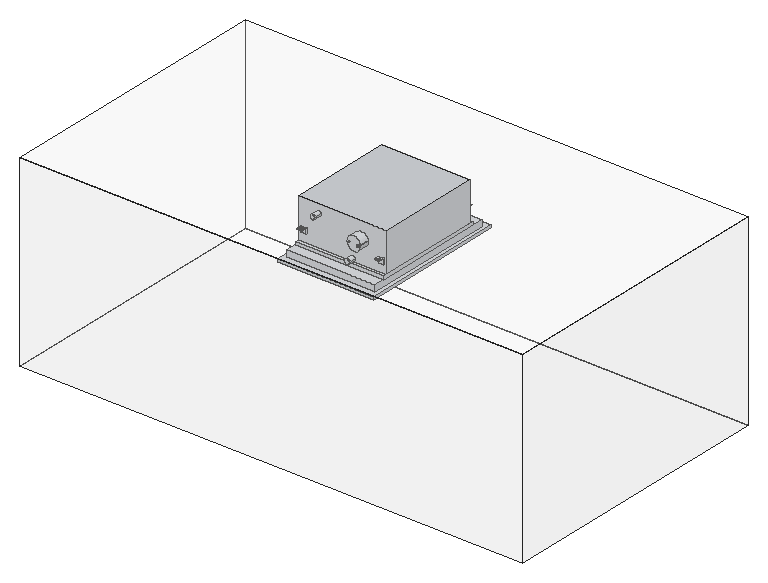
Revit family "【点検口なし】室内機（2方向カセット50Hz）_MEE修正", category 機械設備, Revit 2019
Family settings
  丸型コネクタ寸法 = 直径を使用
  パーツ タイプ = 標準
  OmniClass 番号 = 23.75.10.24.21.27.27
  OmniClass タイトル = Split System Air Conditioning Units
  作業面ベース = いいえ
  常に垂直 = はい
  ロード時にボイドで切り取り = いいえ
  共有 = いいえ
  部屋計算ポイント = はい
Parameters (values of type "PLFY-P22LMG7")
  風量（弱）（m3／min） = 6.5
  風量（中2）（m3／min） = 7.5
  風量（中1）（m3／min） = 8.5
  風量（m3／min） = 9.5
  風量 = MAX風量  # 570.0 m³/h
  音響パワーレベル（弱）(dB) = 49
  音響パワーレベル（中2）(dB) = 51
  音響パワーレベル（中1）(dB) = 52
  音響パワーレベル(dB) = 53
  電源種別 = ""
  電源_H = 0 mm
  電圧_電気ヒーター = 0 V
  電圧 = 200 V
  電動機出力_送風機 = 0.05 kW
  運転質量 = 0.00 kg
  連動 = ""
  質量 = if(製品質量 > 運転質量, 製品質量, 運転質量) * 1.2  # 24.00 kg
  負荷分類 = 3_ファン類
  説明 = "ビル用マルチエアコン 天井カセット形(2方向吹出)室内機"
  設計暖房能力 = 0.00 kW
  設計冷房能力_顕熱 = 0 kW
  設計冷房能力 = 0 kW
  設置方法 = "カセット形"
  記号 = ""
  製造元 = "三菱電機株式会社"
  製品質量 = 20.00 kg
  製品出荷対象 = "国内"
  製品リリース年月 = "2020/7/22"
  製品グループ = ""
  系統 = ""
  符号 = "ACP_CK2"
  積算_科目 = "1 空気調和設備"
  積算_拾い区分 [instance] = ""
  相_電気ヒーター = 1
  相 = 1
  盤記号 = ""
  発停方法 = "付属スイッチ"
  特殊仕様 = ""
  火災停止 = ""
  消費電力_電気ヒーター = 0.00 kW
  消費電力_暖房 = 0.03 kW
  消費電力_加湿器 = 0.00 kW
  消費電力_冷房 = 0.03 kW
  消費電力 = if(消費電力_冷房 > 消費電力_暖房, 消費電力_冷房, 消費電力_暖房) + 消費電力_加湿器 + 消費電力_電気ヒーター  # 0.03 kW
  法定耐用年数 = "15"
  機外静圧 = 0.0 Pa
  極数 = 3
  材質 = ""
  本体マテリアル = none
  有効加湿量 = 0
  暖房能力 = 2.50 kW
  推奨ブレーカー容量 = 15 A
  形式_加湿器 = ""
  形式 = "カセット形（2方向吹出形）"
  幹線記号 = ""
  始動方式 = ""
  呼称 = "室内機_カセット形(2方向吹出形)"
  周波数 = 50 Hz
  吊り位置Y = 824 mm
  吊り位置X = 574 mm
  吊りボルト_H = 167 mm
  台数_手元リモコン = ""
  台数_冷媒分岐ユニット = ""
  参照している仕様書等のバージョン = "公共建築工事標準仕様書（機械設備工事編）平成31年度版"
  加湿給水管径 = 0 mm
  分類コード = "50053003221020"
  分類グループ = ""
  冷房能力 = 2.2 kW
  冷媒高低圧ガス管径 = 0 mm
  冷媒管径符号 = "Ac"
  冷媒管径 = 100 mm
  冷媒液管高さ = 235 mm
  冷媒液管長さ = 67 mm
  冷媒液管径 = 6.35 mm
  冷媒ガス管高さ = 235 mm
  冷媒ガス管長さ = 78 mm
  冷媒ガス管径 = 12.7 mm
  企業コード = "108420"
  付属品_フィルター = ""
  付属品 = ""
  仕様書バージョン = "Version1.0"
  モデル = "PLFY-P22LMG7"
  パネルマテリアル = none
  ドレン管高さ = 297 mm
  ドレン管径 = 32 mm
  サービススペース = yes
  コメント [instance] = ""
  ケーブル種類 = ""
  ケーブルサイズ = 1.6 mm
  Width = 650 mm
  Version = ""
  Uniclass2015Version = "Systems v1.9"
  Uniclass2015Title = "Split coil remote air cooled condensing units"
  Uniclass2015Code = "Pr_70_65_03_84"
  URL = "https://www.mitsubishielectric.co.jp/ldg/wink/ssl/displayProduct.do?pid=307542"
  SpecificationReference = ""
  SpecificationDescription = ""
  S_H = 364 mm
  Revision = ""
  ProductInformation = ""
  OmniClassCode = "23-751024212727"
  MIN風量 = 風量（弱）（m3／min） * 60.0 m³/h  # 390.0 m³/h
  MID風量2 = 風量（中2）（m3／min） * 60.0 m³/h  # 450.0 m³/h
  MID風量 = 風量（中1）（m3／min） * 60.0 m³/h  # 510.0 m³/h
  MAX風量 = 風量（m3／min） * 60.0 m³/h  # 570.0 m³/h
  IfcTypeProduct = ""
  IfcProduct = ""
  IfcExportType = "AIRCONDITIONINGUNIT"
  IfcExportAs = "IfcUnitaryEquipmentType"
  Height = 290 mm
  Depth = 770 mm
  Clearance Top = 357 mm
  Clearance Right = 1500 mm
  Clearance Left = 1500 mm
  Clearance Front = 500 mm
  Clearance Bottom = 1000 mm
  Clearance Back = 500 mm
  Author = "三菱電機株式会社"
Types (11, lengths in mm): name | 風量（弱）（m3／min） | 風量（中2）（m3／min） | 風量（中1）（m3／min） | 風量（m3／min） | 風量 | 音響パワーレベル（弱）(dB) | 音響パワーレベル（中2）(dB) | 音響パワーレベル（中1）(dB) | 音響パワーレベル(dB) | 電動機出力_送風機 | 質量 | 製品質量 | 消費電力_暖房 | 消費電力_冷房 | 消費電力 | 暖房能力 | 吊り位置Y | 冷房能力 | 冷媒管径符号 | 冷媒液管長さ | 冷媒液管径 | 冷媒ガス管長さ | 冷媒ガス管径 | モデル | URL | S_H | MIN風量 | MID風量2 | MID風量 | MAX風量 | Height | Depth | Clearance Top
  (no name) | 6.5 | 7.5 | 8.5 | 9.5 | 570.0 m³/h | 49 | 51 | 52 | 53 | 0.05 kW | 24.00 kg | 20.00 kg | 0.03 kW | 0.03 kW | 0.03 kW | 2.50 kW | 824 | 2.2 kW | "Ac" | 67 | 6.35 | 78 | 12.7 | "PLFY-P22LMG7" | "https://www.mitsubishielectric.co.jp/ldg/wink/ssl/displayProduct.do?pid=307542" | 364 | 390.0 m³/h | 450.0 m³/h | 510.0 m³/h | 570.0 m³/h | 290 | 770 | 357
  PLFY-P22LMG7 | 6.5 | 7.5 | 8.5 | 9.5 | 570.0 m³/h | 49 | 51 | 52 | 53 | 0.05 kW | 24.00 kg | 20.00 kg | 0.03 kW | 0.03 kW | 0.03 kW | 2.50 kW | 824 | 2.2 kW | "Ac" | 67 | 6.35 | 78 | 12.7 | "PLFY-P22LMG7" | "https://www.mitsubishielectric.co.jp/ldg/wink/ssl/displayProduct.do?pid=307542" | 364 | 390.0 m³/h | 450.0 m³/h | 510.0 m³/h | 570.0 m³/h | 290 | 770 | 357
  PLFY-P28LMG7 | 6.5 | 7.5 | 8.5 | 9.5 | 570.0 m³/h | 49 | 51 | 52 | 53 | 0.05 kW | 24.00 kg | 20.00 kg | 0.03 kW | 0.03 kW | 0.03 kW | 3.20 kW | 824 | 2.8 kW | "Ac" | 67 | 6.4 | 78 | 12.7 | "PLFY-P28LMG7" | "https://www.mitsubishielectric.co.jp/ldg/wink/ssl/displayProduct.do?pid=307511" | 364 | 390.0 m³/h | 450.0 m³/h | 510.0 m³/h | 570.0 m³/h | 290 | 770 | 357
  PLFY-P36LMG7 | 6.5 | 8 | 9 | 10 | 600.0 m³/h | 50 | 51 | 52 | 53 | 0.05 kW | 25.20 kg | 21.00 kg | 0.03 kW | 0.03 kW | 0.03 kW | 4.00 kW | 824 | 3.6 kW | "Ac" | 67 | 6.4 | 78 | 12.7 | "PLFY-P36LMG7" | "https://www.mitsubishielectric.co.jp/ldg/wink/ssl/displayProduct.do?pid=307543" | 364 | 390.0 m³/h | 480.0 m³/h | 540.0 m³/h | 600.0 m³/h | 290 | 770 | 357
  PLFY-P45LMG7 | 7 | 8.5 | 9.5 | 10.5 | 630.0 m³/h | 51 | 54 | 55 | 56 | 0.05 kW | 25.20 kg | 21.00 kg | 0.04 kW | 0.04 kW | 0.04 kW | 5.00 kW | 824 | 4.5 kW | "Ac" | 67 | 6.4 | 78 | 12.7 | "PLFY-P45LMG7" | "https://www.mitsubishielectric.co.jp/ldg/wink/ssl/displayProduct.do?pid=307544" | 364 | 420.0 m³/h | 510.0 m³/h | 570.0 m³/h | 630.0 m³/h | 290 | 770 | 357
  PLFY-P56LMG7 | 9 | 11 | 12 | 13 | 780.0 m³/h | 53 | 55 | 56 | 57 | 0.05 kW | 28.80 kg | 24.00 kg | 0.05 kW | 0.05 kW | 0.05 kW | 6.30 kW | 994 | 5.6 kW | "Ac" | 67 | 6.4 | 78 | 12.7 | "PLFY-P56LMG7" | "https://www.mitsubishielectric.co.jp/ldg/wink/ssl/displayProduct.do?pid=307512" | 364 | 540.0 m³/h | 660.0 m³/h | 720.0 m³/h | 780.0 m³/h | 290 | 940 | 357
  PLFY-P71LMG7 | 10.5 | 12.5 | 15 | 16.5 | 990.0 m³/h | 55 | 58 | 59 | 60 | 0.05 kW | 31.20 kg | 26.00 kg | 0.07 kW | 0.07 kW | 0.07 kW | 8.00 kW | 994 | 7.1 kW | "Bd" | 67 | 9.5 | 78 | 15.9 | "PLFY-P71LMG7" | "https://www.mitsubishielectric.co.jp/ldg/wink/ssl/displayProduct.do?pid=307545" | 364 | 630.0 m³/h | 750.0 m³/h | 900.0 m³/h | 990.0 m³/h | 290 | 940 | 357
  PLFY-P80LMG7 | 13.5 | 15 | 16.5 | 19 | 1140.0 m³/h | 56 | 58 | 59 | 60 | 0.10 kW | 49.20 kg | 41.00 kg | 0.06 kW | 0.06 kW | 0.06 kW | 9.00 kW | 1494 | 8 kW | "Bd" | 71 | 9.5 | 83 | 15.9 | "PLFY-P80LMG7" | "https://www.mitsubishielectric.co.jp/ldg/wink/ssl/displayProduct.do?pid=307546" | 405 | 810.0 m³/h | 900.0 m³/h | 990.0 m³/h | 1140.0 m³/h | 331 | 1440 | 398
  PLFY-P90LMG7 | 15.5 | 18 | 20 | 22.5 | 1350.0 m³/h | 57 | 59 | 60 | 61 | 0.10 kW | 49.20 kg | 41.00 kg | 0.08 kW | 0.08 kW | 0.08 kW | 10.00 kW | 1494 | 9 kW | "Bd" | 71 | 9.5 | 83 | 15.9 | "PLFY-P90LMG7" | "https://www.mitsubishielectric.co.jp/ldg/wink/ssl/displayProduct.do?pid=307513" | 405 | 930.0 m³/h | 1080.0 m³/h | 1200.0 m³/h | 1350.0 m³/h | 331 | 1440 | 398
  PLFY-P112LMG7 | 18 | 20 | 23.5 | 26 | 1560.0 m³/h | 59 | 61 | 62 | 63 | 0.10 kW | 54.00 kg | 45.00 kg | 0.10 kW | 0.10 kW | 0.10 kW | 12.50 kW | 1494 | 11.2 kW | "Bd" | 71 | 9.5 | 83 | 15.9 | "PLFY-P112LMG7" | "https://www.mitsubishielectric.co.jp/ldg/wink/ssl/displayProduct.do?pid=307547" | 405 | 1080.0 m³/h | 1200.0 m³/h | 1410.0 m³/h | 1560.0 m³/h | 331 | 1440 | 398
  PLFY-P140LMG7 | 23 | 26.5 | 28.5 | 31.5 | 1890.0 m³/h | 63 | 64 | 67 | 69 | 0.24 kW | 56.40 kg | 47.00 kg | 0.20 kW | 0.20 kW | 0.20 kW | 16.00 kW | 1494 | 14 kW | "Bd" | 71 | 9.5 | 83 | 15.9 | "PLFY-P140LMG7" | "https://www.mitsubishielectric.co.jp/ldg/wink/ssl/displayProduct.do?pid=307548" | 405 | 1380.0 m³/h | 1590.0 m³/h | 1710.0 m³/h | 1890.0 m³/h | 331 | 1440 | 398
Reference planes
  plane 1 "中心(正面/背面)": y = 0
  plane 2: z = 0
  plane 3 "中心(左/右)": x = 0
  plane 4: x = -355
  plane 5: x = 355
  plane 6: y = 540
  plane 7: y = -540
  plane 8: z = 357
  plane 9: z = 364
  plane 10: x = -287
  plane 11: x = 287
  plane 12: y = 412
  plane 13: y = -412
  plane 14: z = 67
  plane 15: y = 385
  plane 16: y = -385
  plane 17: x = -325
  plane 18: x = 325
  plane 19: x = -1855
  plane 20: x = 1855
  plane 21: y = 1040
  plane 22: y = -1040
  plane 23: z = 357
  plane 24: z = -20
  plane 25: z = -1020
Dimensions and locks
  equal spacing: plane 4, plane 3 "中心(左/右)", plane 5
  plane 4 to plane 5 = 710 mm
  equal spacing: plane 7, plane 1 "中心(正面/背面)", plane 6
  plane 7 to plane 6 = 1080 mm
  locked: plane 12 to plane 6 at 128
  plane 7 to plane 13 = 128 mm
  plane 4 to plane 10 = 68 mm
  plane 11 to plane 5 = 68 mm
  "S_H": plane 9 to level
  "吊り位置X": plane 10 to plane 11
  equal spacing: plane 10, plane 3 "中心(左/右)", plane 11
  equal spacing: plane 13, plane 1 "中心(正面/背面)", plane 12
  "吊り位置Y": plane 13 to plane 12
  equal spacing: plane 16, plane 1 "中心(正面/背面)", plane 15
  "Depth": plane 16 to plane 15
  equal spacing: plane 17, plane 3 "中心(左/右)", plane 18
  "Width": plane 17 to plane 18
  locked: plane 14 to level at 67
  "Height": plane 8 to plane 14
  "Clearance Left": plane 19 to plane 4
  "Clearance Right": plane 5 to plane 20
  "Clearance Back": plane 6 to plane 21
  "Clearance Front": plane 22 to plane 7
  locked: level to plane 24 at 20
  "Clearance Bottom": plane 24 to plane 25
  "Clearance Top": plane 23 to level
  aligned and locked: level to plane 2
  aligned and locked: plane 10 to nested 2
  aligned and locked: plane 11 to nested 2
  aligned and locked: nested 2 to plane 12
  aligned and locked: plane 13 to nested 2
  aligned and locked: plane 1 "中心(正面/背面)" to nested 3
  aligned and locked: nested 3 to plane 3 "中心(左/右)"
  aligned and locked: plane 19 to nested 1
  aligned and locked: plane 20 to nested 1
  aligned and locked: nested 1 to plane 22
  aligned and locked: nested 1 to plane 21
  aligned and locked: plane 23 to nested 1
  aligned and locked: plane 25 to nested 1
Nested families
  nested 1: "サービススペース" at (0, 0, -331.5), visible <- "サービススペース", type "サービススペース"
    with Width 3710 mm, Height 1377 mm, Depth 2080 mm
  nested 2: "固定点" at (-287, -412, 0), type "固定点"
    with W 574 mm, D 824 mm
  nested 3: "PLFY-P○○○LMG7" at (0, 0, 0) x (0, -1, 0) z (0, 0, 1), type "PLFY-P○○○LMG7"
    with ユニット表示 yes, ドレン配管サイズ 32 mm
Connectors
  piping at (138, -452, 235), diameter 100, driven by "冷媒管径", driven by "冷媒管径符号"
    settings: on nested 3, index 1, connector inside diameter 609.6 mm, connector length 0 mm, flow factor 0, pipe flow 0.0 L/s, pressure drop 0.0 Pa, fitting loss kfactor 0, connector angle 0.00°, fixture units 0, engagement length 0 mm, angle of deflection 0.00°, flow configuration 0, flow direction 1, fitting loss method 4, system type 7, joint type 0, gender type 0, connector reference index -1, connector utility 0, adjustable connector no, is connector primary yes, connector description "Ac"
  piping at (-175, -442, 297), diameter 32, driven by "ドレン管径"
    settings: on nested 3, index 2, connector inside diameter 609.6 mm, connector length 0 mm, flow factor 0, pipe flow 0.0 L/s, pressure drop 0.0 Pa, fitting loss kfactor 0, connector angle 0.00°, fixture units 0, engagement length 0 mm, angle of deflection 0.00°, flow configuration 0, flow direction 2, fitting loss method 4, system type 16, joint type 0, gender type 0, connector reference index -1, connector utility 0, adjustable connector no, is connector primary no, connector description ""
  electrical at (75, -435, 85), driven by "極数", driven by "負荷分類", driven by "電圧", driven by "消費電力"
    settings: on nested 3, index 3, voltage 200 V, apparent load 30 VA, apparent load phase1 0 VA, apparent load phase2 0 VA, apparent load phase3 0 VA, power factor 1, load classification "3_ファン類", number of poles 3, system type 30, power factor state 1, is connector primary yes, connector utility no, sub classification motor no, connector description ""
Definition of nested family "サービススペース"
  Parameters (values of type "サービススペース")
    Width [instance] = 500 mm
    Height [instance] = 500 mm
    Depth [instance] = 500 mm
  Reference planes
    plane 1 "中心(正面/背面)": y = 0
    plane 2: z = 0
    plane 3 "中心(左/右)": x = 0
    plane 4: y = -250
    plane 5: x = 250
    plane 6: y = 250
    plane 7: x = -250
    plane 8: z = 250
    plane 9: z = -250
  Forms (mm)
    Extrusion 1, solid
      sketch origin (-638.939, 0, 72.39) x (1, 0, 0) y (0, 1, 0)
        loop
          line (388.939, 250) -> (388.939, -250) -> (888.939, -250) -> (888.939, 250) -> (388.939, 250)
      from -322.39 to 177.61
  Lines and regions (mm)
    symbolic lines
      curve 1: line (-250, 0, 250) -> (250, 0, 250)
      curve 2: line (-250, 0, -250) -> (-250, 0, 250)
      curve 3: line (250, 0, -250) -> (-250, 0, -250)
      curve 4: line (250, 0, 250) -> (250, 0, -250)
      curve 5: line (0, -250, 250) -> (0, 250, 250)
      curve 6: line (0, -250, -250) -> (0, -250, 250)
      curve 7: line (0, 250, -250) -> (0, -250, -250)
      curve 8: line (0, 250, 250) -> (0, 250, -250)
      curve 9: line (-250, 250, 0) -> (250, 250, 0)
      curve 10: line (-250, -250, 0) -> (-250, 250, 0)
      curve 11: line (250, -250, 0) -> (-250, -250, 0)
      curve 12: line (250, 250, 0) -> (250, -250, 0)
  Dimensions and locks
    equal spacing: plane 7, plane 3 "中心(左/右)", plane 5
    equal spacing: plane 4, plane 1 "中心(正面/背面)", plane 6
    "Depth": plane 4 to plane 6
    "Width": plane 7 to plane 5
    equal spacing: plane 8, plane 2, plane 9
    "Height": plane 8 to plane 9
    aligned and locked: plane 9 to curve 3
    aligned and locked: plane 7 to curve 2
    aligned and locked: curve 4 to plane 5
    aligned and locked: plane 5 to Extrusion 1
    aligned and locked: Extrusion 1 to plane 7
    aligned and locked: Extrusion 1 to plane 9
    aligned and locked: plane 8 to Extrusion 1
    aligned and locked: plane 9 to curve 7
  Automatic sketch dimensions
    plane 4 to Extrusion 1 sketch curve = 0 mm
    Extrusion 1 sketch curve to plane 7 = 0 mm
    Extrusion 1 sketch curve to plane 5 = 0 mm
    plane 6 to Extrusion 1 sketch curve = 0 mm
    curve 2 to plane 8 = 0 mm
    plane 4 to curve 11 = 0 mm
    curve 11 to plane 7 = 0 mm
    curve 11 to plane 5 = 0 mm
    plane 6 to curve 10 = 0 mm
    curve 7 to plane 4 = 0 mm
    curve 7 to plane 6 = 0 mm
    curve 6 to plane 8 = 0 mm
Definition of nested family "PLFY-P○○○LMG7"
  Parameters (values of type "PLFY-P○○○LMG7")
    配線取出口サイズ = 36 mm
    配線取出口-Z = 85 mm
    配線取出口-Y = 250 mm
    配線取出口-X = 50 mm
    液配管サイズ = 6.35 mm
    A = 幅さ + 310 mm  # 1080 mm
    高さ = 290 mm
    奥行き = 650 mm
    吊りボルト_H = 167 mm
    冷媒配管 = 100 mm
    冷媒液管径-Z = 235 mm
    冷媒液管径-Y = 222 mm
    冷媒液管径-X = 67 mm
    冷媒ガス管径-Z = 235 mm
    冷媒ガス管径-Y = 152 mm
    冷媒ガス管径-X = 78 mm
    ユニット表示 [instance] = yes
    ボルトピッチ = 574 mm
    ドレン配管サイズ = 25 mm
    ドレン管径-Z = 297 mm
    ドレン管径-Y = 500 mm
    ドレン管径-X = 57 mm
    ガス配管サイズ = 12.7 mm
    D = 幅さ + 54 mm  # 824 mm
    幅さ = 770 mm
    B = 幅さ + 270 mm  # 1040 mm
  Reference planes
    plane 1 "中心(正面/背面)": y = 0
    plane 2: z = 0
    plane 3 "中心(左/右)": x = 0
    plane 4: x = -540
    plane 5: x = 540
    plane 6: y = 355
    plane 7: y = -355
    plane 8: z = 357
    plane 9: z = -20
    plane 10: x = -385
    plane 11: x = 385
    plane 12: y = 325
    plane 13: y = -325
    plane 14: z = 45
    plane 15: x = -520
    plane 16: x = 520
    plane 17: x = 412
    plane 18: x = -412
    plane 19: z = 67
    plane 20: x = 490
    plane 21: x = -490
    plane 22: y = 287
    plane 23: y = -287
    plane 24: x = 463
    plane 25: y = 173
    plane 26: z = 235
    plane 27: x = 452
    plane 28: y = 103
    plane 29: x = 442
    plane 30: y = -175
    plane 31: z = 297
    plane 32: z = 364
    plane 33: y = 50
    plane 34: x = 435
    plane 35: y = 75
    plane 36: z = 85
    plane 37: z = 167
    plane 38: z = 165
    plane 39: z = 125
    plane 40: y = 307
    plane 41: y = 267
    plane 42: y = -267
    plane 43: y = -307
    plane 44: y = 292
    plane 45: y = 282
    plane 46: y = -282
    plane 47: y = -292
    plane 48: x = -425
    plane 49: x = 425
    plane 50: x = -387
    plane 51: x = 387
  Forms (mm)
    Extrusion 1, solid, visible <- "ユニット表示", detail levels fine
      sketch origin (0, 0, 0) x (1, 0, 0) y (0, 1, 0)
        loop
          line (-385, 325) -> (-385, -325) -> (385, -325) -> (385, 325) -> (-385, 325)
      from 67 to 357
    Extrusion 2, solid, visible <- "ユニット表示", detail levels fine
      sketch origin (-1437.329, -1524, 45) x (-1, 0, 0) y (0, -1, 0)
        loop
          line (-1025.329, -1849) -> (-1025.329, -1199) -> (-1849.329, -1199) -> (-1849.329, -1849) -> (-1025.329, -1849)
      from 0 to 22
    Extrusion 3, solid, visible <- "ユニット表示", detail levels fine
      sketch origin (-1437.329, -1524, 45) x (-1, 0, 0) y (0, -1, 0)
        loop
          line (-947.329, -1849) -> (-947.329, -1199) -> (-1927.329, -1199) -> (-1927.329, -1849) -> (-947.329, -1849)
      from 0 to -45
    Extrusion 4, solid, visible <- "ユニット表示", detail levels fine
      sketch origin (385, 1296.25, 1200) x (0, 1, 0) y (0, 0, 1)
        loop
          circle (-1123.25, -965) r 6.35
      from 0 to 78
    Extrusion 5, solid, visible <- "ユニット表示", detail levels fine
      sketch origin (385, 1296.25, 1200) x (0, 1, 0) y (0, 0, 1)
        loop
          circle (-1193.25, -965) r 3.175
      from 0 to 67
    Extrusion 6, solid, visible <- "ユニット表示", detail levels fine
      sketch origin (385, 1296.25, 1200) x (0, 1, 0) y (0, 0, 1)
        loop
          circle (-1471.25, -903) r 12.5
      from 0 to 57
    Extrusion 7, solid, visible <- "ユニット表示", detail levels fine
      sketch origin (385, 1296.25, 1200) x (0, 1, 0) y (0, 0, 1)
        loop
          circle (-1221.25, -1115) r 18
      from 0 to 50
    Extrusion 8, solid, visible <- "ユニット表示", detail levels fine
      sketch origin (385, 1296.25, 1200) x (0, 1, 0) y (0, 0, 1)
        loop
          circle (-1158.25, -965) r 50
      from 0 to 67
    Extrusion 9, solid, visible <- "ユニット表示"
      sketch origin (0, 0, 0) x (1, 0, 0) y (0, 1, 0)
        loop
          line (-540, 355) -> (-540, -355) -> (540, -355) -> (540, 355) -> (-540, 355)
      from 0 to -20
    Extrusion 10, solid, visible <- "ユニット表示", detail levels fine
      sketch origin (0, 0, 0) x (1, 0, 0) y (0, 1, 0)
        loop
          line (-407, 292) -> (-407, 282)
          arc (-407, 282) -> (-412, 277) -> (-417, 282) r 5
          line (-417, 282) -> (-425, 282) -> (-425, 267) -> (-385, 267) -> (-385, 307) -> (-425, 307) -> (-425, 292) -> (-417, 292)
          arc (-417, 292) -> (-412, 297) -> (-407, 292) r 5
        loop
          arc (407, 292) -> (412, 297) -> (417, 292) r 5
          line (417, 292) -> (425, 292) -> (425, 307) -> (385, 307) -> (385, 267) -> (425, 267) -> (425, 282) -> (417, 282)
          arc (417, 282) -> (412, 277) -> (407, 282) r 5
          line (407, 282) -> (407, 292)
        loop
          line (407, -292) -> (407, -282)
          arc (407, -282) -> (412, -277) -> (417, -282) r 5
          line (417, -282) -> (425, -282) -> (425, -267) -> (385, -267) -> (385, -307) -> (425, -307) -> (425, -292) -> (417, -292)
          arc (417, -292) -> (412, -297) -> (407, -292) r 5
        loop
          arc (-407, -292) -> (-412, -297) -> (-417, -292) r 5
          line (-417, -292) -> (-425, -292) -> (-425, -307) -> (-385, -307) -> (-385, -267) -> (-425, -267) -> (-425, -282) -> (-417, -282)
          arc (-417, -282) -> (-412, -277) -> (-407, -282) r 5
          line (-407, -282) -> (-407, -292)
      from 165 to 167
    Extrusion 11, solid, visible <- "ユニット表示", detail levels fine
      sketch origin (0, 0, 0) x (1, 0, 0) y (0, 1, 0)
        loop
          line (-387, 307) -> (-387, 267) -> (-385, 267) -> (-385, 307) -> (-387, 307)
        loop
          line (385, 307) -> (385, 267) -> (387, 267) -> (387, 307) -> (385, 307)
        loop
          line (385, -267) -> (385, -307) -> (387, -307) -> (387, -267) -> (385, -267)
        loop
          line (-387, -267) -> (-387, -307) -> (-385, -307) -> (-385, -267) -> (-387, -267)
      from 125 to 165
  Dimensions and locks
    equal spacing: plane 7, plane 1 "中心(正面/背面)", plane 6
    plane 7 to plane 6 = 710 mm
    equal spacing: plane 4, plane 3 "中心(左/右)", plane 5
    "A": plane 4 to plane 5
    locked: level to plane 9 at 20
    equal spacing: plane 13, plane 1 "中心(正面/背面)", plane 12
    "奥行き": plane 13 to plane 12
    equal spacing: plane 10, plane 3 "中心(左/右)", plane 11
    "幅さ": plane 10 to plane 11
    locked: plane 14 to level at 45
    equal spacing: plane 15, plane 3 "中心(左/右)", plane 16
    "B": plane 15 to plane 16
    equal spacing: plane 18, plane 3 "中心(左/右)", plane 17
    "D": plane 18 to plane 17
    locked: plane 19 to plane 14 at 22
    locked: plane 15 to plane 21 at 30
    locked: plane 20 to plane 16 at 30
    equal spacing: plane 23, plane 1 "中心(正面/背面)", plane 22
    "ボルトピッチ": plane 23 to plane 22
    "冷媒ガス管径-X": plane 11 to plane 24
    "冷媒ガス管径-Y": plane 25 to plane 12
    "冷媒液管径-X": plane 11 to plane 27
    "冷媒液管径-Y": plane 28 to plane 12
    "ドレン管径-X": plane 11 to plane 29
    "ドレン管径-Y": plane 30 to plane 12
    plane 32 to plane 8 = 7 mm
    "配線取出口-X": plane 11 to plane 34
    "配線取出口-Y": plane 35 to plane 12
    "配線取出口-Z": plane 36 to level
    "ドレン管径-Z": plane 31 to level
    "冷媒ガス管径-Z": plane 26 to level
    locked: plane 38 to plane 39 at 40
    locked: plane 37 to plane 38 at 2
    "吊りボルト_H": plane 37 to level
    plane 43 to plane 23 to plane 42 = 20 mm locked, 20 mm locked
    plane 41 to plane 22 to plane 40 = 20 mm locked, 20 mm locked
    plane 47 to plane 23 to plane 46 = 5 mm locked, 5 mm locked
    plane 45 to plane 22 to plane 44 = 5 mm locked, 5 mm locked
    locked: plane 48 to plane 10 at 40
    locked: plane 11 to plane 49 at 40
    locked: plane 11 to plane 51 at 2
    locked: plane 50 to plane 10 at 2
    "高さ": plane 8 to plane 19
    "ガス配管サイズ": diameter of Extrusion 4 sketch curve
    "液配管サイズ": diameter of Extrusion 5 sketch curve
    "ドレン配管サイズ": diameter of Extrusion 6 sketch curve
    "配線取出口サイズ": diameter of Extrusion 7 sketch curve
    "冷媒配管": diameter of Extrusion 8 sketch curve
    aligned and locked: level to plane 2
    aligned and locked: plane 12 to Extrusion 1 sketch curve
    aligned and locked: plane 10 to Extrusion 1 sketch curve
    aligned and locked: Extrusion 1 sketch curve to plane 13
    aligned and locked: Extrusion 1 sketch curve to plane 11
    aligned and locked: plane 8 to Extrusion 1
    aligned and locked: plane 12 to Extrusion 2 sketch curve
    aligned and locked: plane 18 to Extrusion 2 sketch curve
    aligned and locked: Extrusion 2 sketch curve to plane 13
    aligned and locked: Extrusion 2 sketch curve to plane 17
    aligned and locked: plane 19 to Extrusion 2
    aligned and locked: Extrusion 1 to Extrusion 2
    aligned and locked: plane 12 to Extrusion 3 sketch curve
    aligned and locked: plane 21 to Extrusion 3 sketch curve
    aligned and locked: Extrusion 3 sketch curve to plane 13
    aligned and locked: Extrusion 3 sketch curve to plane 20
    aligned and locked: Extrusion 3 to level
    aligned and locked: plane 14 to Extrusion 3
    aligned and locked: plane 26 to Extrusion 4 sketch curve
    aligned and locked: plane 25 to Extrusion 4 sketch curve
    aligned and locked: Extrusion 4 to plane 11
    aligned and locked: plane 24 to Extrusion 4
    aligned and locked: plane 26 to Extrusion 5 sketch curve
    aligned and locked: plane 28 to Extrusion 5 sketch curve
    aligned and locked: plane 27 to Extrusion 5
    aligned and locked: Extrusion 5 to plane 11
    aligned and locked: plane 31 to Extrusion 6 sketch curve
    aligned and locked: plane 30 to Extrusion 6 sketch curve
    aligned and locked: Extrusion 6 to plane 11
    aligned and locked: plane 29 to Extrusion 6
    aligned and locked: plane 36 to Extrusion 7 sketch curve
    aligned and locked: plane 35 to Extrusion 7 sketch curve
    aligned and locked: Extrusion 7 to plane 11
    aligned and locked: plane 34 to Extrusion 7
    aligned and locked: plane 26 to Extrusion 8 sketch curve
    aligned and locked: Extrusion 8 to plane 11
    aligned and locked: plane 27 to Extrusion 8
    aligned and locked: level to Extrusion 9
    aligned and locked: Extrusion 9 to plane 9
    aligned and locked: Extrusion 10 sketch curve to plane 10
    aligned and locked: plane 37 to Extrusion 10
    aligned and locked: Extrusion 10 to plane 38
    aligned and locked: plane 40 to Extrusion 10 sketch curve
    aligned and locked: plane 48 to Extrusion 10 sketch curve  (x2)
    aligned and locked: Extrusion 10 sketch curve to plane 41
    aligned and locked: Extrusion 10 sketch curve to plane 45
    aligned and locked: Extrusion 10 sketch curve to plane 44
    aligned and locked: plane 44 to Extrusion 10 sketch curve  (x3)
    aligned and locked: plane 45 to Extrusion 10 sketch curve  (x3)
    aligned and locked: plane 18 to Extrusion 10 sketch curve  (x4)
    aligned and locked: plane 10 to Extrusion 10 sketch curve
    aligned and locked: Extrusion 10 sketch curve to plane 42
    aligned and locked: plane 43 to Extrusion 10 sketch curve
    aligned and locked: plane 47 to Extrusion 10 sketch curve  (x3)
    aligned and locked: plane 46 to Extrusion 10 sketch curve  (x3)
    aligned and locked: Extrusion 10 sketch curve to plane 46
    aligned and locked: Extrusion 10 sketch curve to plane 47
    aligned and locked: Extrusion 10 sketch curve to plane 48  (x2)
    aligned and locked: plane 11 to Extrusion 10 sketch curve
    aligned and locked: Extrusion 10 sketch curve to plane 49  (x2)
    aligned and locked: plane 17 to Extrusion 10 sketch curve  (x4)
    aligned and locked: Extrusion 10 sketch curve to plane 43
    aligned and locked: plane 42 to Extrusion 10 sketch curve
    aligned and locked: plane 49 to Extrusion 10 sketch curve  (x2)
    aligned and locked: plane 41 to Extrusion 10 sketch curve
    aligned and locked: Extrusion 10 sketch curve to plane 11
    aligned and locked: Extrusion 10 sketch curve to plane 40
    aligned and locked: plane 40 to Extrusion 11 sketch curve
    aligned and locked: plane 50 to Extrusion 11 sketch curve  (x2)
    aligned and locked: Extrusion 11 sketch curve to Extrusion 10  (x8)
    aligned and locked: Extrusion 11 sketch curve to plane 41
    aligned and locked: Extrusion 11 sketch curve to plane 51  (x2)
    aligned and locked: Extrusion 11 sketch curve to plane 43
    aligned and locked: plane 42 to Extrusion 11 sketch curve
    aligned and locked: Extrusion 11 to Extrusion 10
    aligned and locked: Extrusion 11 to plane 39
  Automatic sketch dimensions
    Extrusion 9 sketch curve to plane 4 = 0 mm
    Extrusion 9 sketch curve to plane 5 = 0 mm
    plane 7 to Extrusion 9 sketch curve = 0 mm
    plane 6 to Extrusion 9 sketch curve = 0 mm
    Extrusion 10 sketch curve to plane 18 = 5 mm  (x2)
    Extrusion 10 sketch curve to plane 17 = 5 mm  (x2)
    plane 25 to Extrusion 8 sketch curve = 35 mm
Definition of nested family "固定点"
  Parameters (values of type "固定点")
    中心円 = 20 mm
    W [instance] = 1000 mm
    D [instance] = 1000 mm
  Reference planes
    plane 1 "中心(正面/背面)": y = 0
    plane 2: z = 0
    plane 3 "中心(左/右)": x = 0
    plane 4: x = 1000
    plane 5: y = 1000
  Lines and regions (mm)
    symbolic lines, detail levels fine
      curve 1: circle (0, 1000, 0) r 10 normal (0, 0, 1)
      curve 2: circle (0, 0, 0) r 10 normal (0, 0, 1)
      curve 3: circle (1000, 1000, 0) r 10 normal (0, 0, 1)
      curve 4: circle (1000, 0, 0) r 10 normal (0, 0, 1)
      curve 5: line (-200, 1000, 0) -> (1200, 1000, 0)
      curve 6: line (-200, 0, 0) -> (1200, 0, 0)
      curve 7: line (0, 1200, 0) -> (0, -200, 0)
      curve 8: line (1000, 1200, 0) -> (1000, -200, 0)
  Dimensions and locks
    "W": plane 3 "中心(左/右)" to plane 4
    "D": plane 1 "中心(正面/背面)" to plane 5
    "中心円": diameter of curve 1
    "中心円": diameter of curve 2
    "中心円": diameter of curve 3
    "中心円": diameter of curve 4
    aligned and locked: level to plane 2
    aligned and locked: plane 5 to curve 1
    aligned and locked: plane 3 "中心(左/右)" to curve 1
    aligned and locked: plane 3 "中心(左/右)" to curve 2
    aligned and locked: plane 1 "中心(正面/背面)" to curve 2
    aligned and locked: plane 4 to curve 3
    aligned and locked: plane 5 to curve 3
    aligned and locked: plane 1 "中心(正面/背面)" to curve 4
    aligned and locked: plane 4 to curve 4
    aligned and locked: plane 1 "中心(正面/背面)" to curve 6
    aligned and locked: curve 7 to plane 3 "中心(左/右)"
    aligned and locked: curve 8 to plane 4
  Automatic sketch dimensions
    curve 5 to plane 5 = 0 mm
    curve 6 to plane 3 "中心(左/右)" = 200 mm
    curve 5 to plane 3 "中心(左/右)" = 200 mm
    curve 4 to curve 6 = 200 mm
    curve 3 to curve 5 = 200 mm
    plane 1 "中心(正面/背面)" to curve 8 = 200 mm
    plane 1 "中心(正面/背面)" to curve 7 = 200 mm
    curve 3 to curve 8 = 200 mm
    curve 1 to curve 7 = 200 mm
